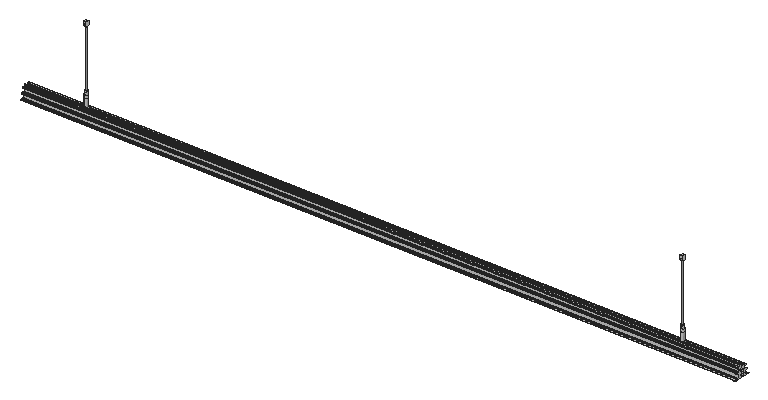
Revit family "BUS11R", category Electrical Fixtures, host Ceiling, Revit 2018 (continued)
Definition of nested family "BUS11R-BUS"
  Automatic sketch dimensions
    Extrusion 5 sketch curve to Extrusion 5 sketch curve = 0' - 0.01547"
    Extrusion 5 sketch curve to Extrusion 5 sketch curve = 0' - 0.09681"
    Extrusion 5 sketch curve to Extrusion 5 sketch curve = 0' - 0.03101"
    Extrusion 5 sketch curve to Extrusion 5 sketch curve = 0' - 0.06495"
    Extrusion 5 sketch curve to Extrusion 5 sketch curve = 0' - 0.00055"
    Extrusion 5 sketch curve to Extrusion 5 sketch curve = 0' - 0.00238"
    Extrusion 5 sketch curve to Extrusion 5 sketch curve = 0' - 0.01444"
    Extrusion 5 sketch curve to Extrusion 5 sketch curve = 0' - 0.09545"
    Extrusion 5 sketch curve to Extrusion 5 sketch curve = 0' - 0.01721"  (x4)
    Extrusion 5 sketch curve to Extrusion 5 sketch curve = 0' - 0.01491"  (x2)
    Extrusion 5 sketch curve to Extrusion 5 sketch curve = 0' - 0.04674"
    Extrusion 5 sketch curve to Extrusion 5 sketch curve = 0' - 0.05"  (x3)
    Extrusion 5 sketch curve to Extrusion 5 sketch curve = 0' - 0.06654"
    Extrusion 5 sketch curve to Extrusion 5 sketch curve = 0' - 0.03491"
    plane 1 "Center (Front/Back)" to Extrusion 5 sketch curve = 0' - 0.06125"
    plane 1 "Center (Front/Back)" to Extrusion 5 sketch curve = 0' - 0.03882"
    plane 1 "Center (Front/Back)" to Extrusion 5 sketch curve = 0' - 0.01125"
    Extrusion 5 sketch curve to plane 1 "Center (Front/Back)" = 0' - 0.02567"
    Extrusion 5 sketch curve to plane 1 "Center (Front/Back)" = 0' - 0.04058"
    Extrusion 5 sketch curve to plane 1 "Center (Front/Back)" = 0' - 0.05779"
    Extrusion 5 sketch curve to Extrusion 5 sketch curve = 0' - 0.06904"
    Extrusion 5 sketch curve to Extrusion 5 sketch curve = 0' - 0.06449"
    Extrusion 5 sketch curve to Extrusion 5 sketch curve = 0' - 0.04433"
    Extrusion 5 sketch curve to Extrusion 5 sketch curve = 0' - 0.01701"  (x3)
    Extrusion 5 sketch curve to Extrusion 5 sketch curve = 0' - 0.0453"
    Extrusion 5 sketch curve to Extrusion 5 sketch curve = 0' - 0.068"
    Extrusion 5 sketch curve to Extrusion 5 sketch curve = 0' - 0.11287"
    Extrusion 5 sketch curve to Extrusion 5 sketch curve = 0' - 0.00972"
    Extrusion 5 sketch curve to Extrusion 5 sketch curve = 0' - 0.0576"
    Extrusion 5 sketch curve to Extrusion 5 sketch curve = 0' - 0.03939"
    Extrusion 5 sketch curve to Extrusion 5 sketch curve = 0' - 0.06875"
    level to Extrusion 5 sketch curve = 0' - 1.357"
    Extrusion 5 sketch curve to Extrusion 5 sketch curve = 0' - 0.00195"
    Extrusion 5 sketch curve to Extrusion 5 sketch curve = 0' - 0.00805"
    Extrusion 5 sketch curve to Extrusion 5 sketch curve = 0' - 0.01"
    Extrusion 5 sketch curve to Extrusion 5 sketch curve = 0' - 0.06197"
    Extrusion 5 sketch curve to Extrusion 5 sketch curve = 0' - 0.06002"
    Extrusion 5 sketch curve to Extrusion 5 sketch curve = 0' - 0.08441"
    Extrusion 5 sketch curve to Extrusion 5 sketch curve = 0' - 0.02457"  (x2)
    Extrusion 5 sketch curve to Extrusion 5 sketch curve = 0' - 0.00409"  (x3)
    Extrusion 5 sketch curve to Extrusion 5 sketch curve = 0' - 0.096"
    Extrusion 5 sketch curve to Extrusion 5 sketch curve = 0' - 0.056"  (x3)
    Extrusion 5 sketch curve to Extrusion 5 sketch curve = 0' - 0.10003"
    Extrusion 5 sketch curve to Extrusion 5 sketch curve = 0' - 0.05745"
    Extrusion 5 sketch curve to Extrusion 5 sketch curve = 0' - 0.018"
    Extrusion 5 sketch curve to Extrusion 5 sketch curve = 0' - 0.04972"
    Extrusion 5 sketch curve to Extrusion 5 sketch curve = 0' - 0.09108"
    Extrusion 5 sketch curve to Extrusion 5 sketch curve = 0' - 0.01581"
    Extrusion 5 sketch curve to Extrusion 5 sketch curve = 0' - 0.05585"
    Extrusion 5 sketch curve to Extrusion 5 sketch curve = 0' - 0.16764"
    Extrusion 5 sketch curve to Extrusion 5 sketch curve = 0' - 0.03368"
    Extrusion 5 sketch curve to Extrusion 5 sketch curve = 0' - 0.00217"
    Extrusion 5 sketch curve to Extrusion 5 sketch curve = 0' - 0.26092"
    Extrusion 5 sketch curve to Extrusion 5 sketch curve = 0' - 0.0518"  (x2)
    Extrusion 6 sketch curve to Extrusion 6 sketch curve = 0' - 0"  (x19)
    plane 1 "Center (Front/Back)" to Extrusion 6 sketch curve = 0' - 0.433"
    Extrusion 6 sketch curve to Extrusion 6 sketch curve = 0' - 0.043"  (x2)
    Extrusion 6 sketch curve to Extrusion 6 sketch curve = 0' - 0.05342"
    Extrusion 6 sketch curve to Extrusion 6 sketch curve = 0' - 0.03939"  (x2)
    Extrusion 6 sketch curve to Extrusion 6 sketch curve = 0' - 0.06489"
    Extrusion 6 sketch curve to Extrusion 6 sketch curve = 0' - 0.059"  (x3)
    Extrusion 6 sketch curve to Extrusion 6 sketch curve = 0' - 0.0576"  (x2)
    Extrusion 6 sketch curve to Extrusion 6 sketch curve = 0' - 0.04433"  (x5)
    Extrusion 6 sketch curve to Extrusion 6 sketch curve = 0' - 0.05"  (x2)
    Extrusion 6 sketch curve to Extrusion 6 sketch curve = 0' - 0.01701"  (x7)
    Extrusion 6 sketch curve to Extrusion 6 sketch curve = 0' - 0.0453"  (x2)
    Extrusion 6 sketch curve to Extrusion 6 sketch curve = 0' - 0.068"  (x2)
    Extrusion 6 sketch curve to Extrusion 6 sketch curve = 0' - 0.11197"  (x2)
    Extrusion 6 sketch curve to Extrusion 6 sketch curve = 0' - 0.03154"  (x4)
    Extrusion 6 sketch curve to Extrusion 6 sketch curve = 0' - 0.01401"  (x4)
    Extrusion 6 sketch curve to Extrusion 6 sketch curve = 0' - 0.01721"  (x4)
    Extrusion 6 sketch curve to Extrusion 6 sketch curve = 0' - 0.06858"  (x2)
    plane 1 "Center (Front/Back)" to Extrusion 6 sketch curve = 0' - 0.03967"
    plane 1 "Center (Front/Back)" to Extrusion 6 sketch curve = 0' - 0.034"
    Extrusion 6 sketch curve to plane 1 "Center (Front/Back)" = 0' - 0.02265"
    Extrusion 6 sketch curve to plane 1 "Center (Front/Back)" = 0' - 0.034"
    Extrusion 6 sketch curve to plane 1 "Center (Front/Back)" = 0' - 0.05553"
    Extrusion 6 sketch curve to Extrusion 6 sketch curve = 0' - 0.00972"
    level to Extrusion 6 sketch curve = 0' - 1.357"
    Extrusion 6 sketch curve to Extrusion 6 sketch curve = 0' - 0.00375"  (x2)
    Extrusion 6 sketch curve to Extrusion 6 sketch curve = 0' - 0.01"  (x2)
    Extrusion 6 sketch curve to Extrusion 6 sketch curve = 0' - 0.05822"  (x2)
    Extrusion 6 sketch curve to Extrusion 6 sketch curve = 0' - 0.08441"
    Extrusion 6 sketch curve to Extrusion 6 sketch curve = 0' - 0.02457"  (x2)
    Extrusion 6 sketch curve to Extrusion 6 sketch curve = 0' - 0.00409"  (x7)
    Extrusion 6 sketch curve to Extrusion 6 sketch curve = 0' - 0.096"
    Extrusion 6 sketch curve to Extrusion 6 sketch curve = 0' - 0.056"  (x3)
    Extrusion 6 sketch curve to Extrusion 6 sketch curve = 0' - 0.05386"  (x2)
    Extrusion 6 sketch curve to Extrusion 6 sketch curve = 0' - 0.09253"  (x2)
    Extrusion 6 sketch curve to Extrusion 6 sketch curve = 0' - 0.25947"  (x2)
    Extrusion 7 sketch curve to Extrusion 7 sketch curve = 0' - 0"  (x19)
    plane 1 "Center (Front/Back)" to Extrusion 7 sketch curve = 0' - 0.433"
    Extrusion 7 sketch curve to Extrusion 7 sketch curve = 0' - 0.043"  (x2)
    Extrusion 7 sketch curve to Extrusion 7 sketch curve = 0' - 0.05342"
    Extrusion 7 sketch curve to Extrusion 7 sketch curve = 0' - 0.03939"  (x2)
    Extrusion 7 sketch curve to Extrusion 7 sketch curve = 0' - 0.06489"
    Extrusion 7 sketch curve to Extrusion 7 sketch curve = 0' - 0.059"  (x3)
    Extrusion 7 sketch curve to Extrusion 7 sketch curve = 0' - 0.0576"  (x2)
    Extrusion 7 sketch curve to Extrusion 7 sketch curve = 0' - 0.04433"  (x5)
    Extrusion 7 sketch curve to Extrusion 7 sketch curve = 0' - 0.05"  (x2)
    Extrusion 7 sketch curve to Extrusion 7 sketch curve = 0' - 0.01701"  (x7)
    Extrusion 7 sketch curve to Extrusion 7 sketch curve = 0' - 0.0453"  (x2)
    Extrusion 7 sketch curve to Extrusion 7 sketch curve = 0' - 0.068"  (x2)
    Extrusion 7 sketch curve to Extrusion 7 sketch curve = 0' - 0.11197"  (x2)
    Extrusion 7 sketch curve to Extrusion 7 sketch curve = 0' - 0.03154"  (x4)
    Extrusion 7 sketch curve to Extrusion 7 sketch curve = 0' - 0.01401"  (x4)
    Extrusion 7 sketch curve to Extrusion 7 sketch curve = 0' - 0.01721"  (x4)
    Extrusion 7 sketch curve to Extrusion 7 sketch curve = 0' - 0.06858"  (x2)
    plane 1 "Center (Front/Back)" to Extrusion 7 sketch curve = 0' - 0.03967"
    plane 1 "Center (Front/Back)" to Extrusion 7 sketch curve = 0' - 0.034"
    Extrusion 7 sketch curve to plane 1 "Center (Front/Back)" = 0' - 0.02265"
    Extrusion 7 sketch curve to plane 1 "Center (Front/Back)" = 0' - 0.034"
    Extrusion 7 sketch curve to plane 1 "Center (Front/Back)" = 0' - 0.05553"
    Extrusion 7 sketch curve to Extrusion 7 sketch curve = 0' - 0.00972"
    level to Extrusion 7 sketch curve = 0' - 1.357"
    Extrusion 7 sketch curve to Extrusion 7 sketch curve = 0' - 0.00375"  (x2)
    Extrusion 7 sketch curve to Extrusion 7 sketch curve = 0' - 0.01"  (x2)
    Extrusion 7 sketch curve to Extrusion 7 sketch curve = 0' - 0.05822"  (x2)
    Extrusion 7 sketch curve to Extrusion 7 sketch curve = 0' - 0.08441"
    Extrusion 7 sketch curve to Extrusion 7 sketch curve = 0' - 0.02457"  (x2)
    Extrusion 7 sketch curve to Extrusion 7 sketch curve = 0' - 0.00409"  (x7)
    Extrusion 7 sketch curve to Extrusion 7 sketch curve = 0' - 0.096"
    Extrusion 7 sketch curve to Extrusion 7 sketch curve = 0' - 0.056"  (x3)
    Extrusion 7 sketch curve to Extrusion 7 sketch curve = 0' - 0.05386"  (x2)
    Extrusion 7 sketch curve to Extrusion 7 sketch curve = 0' - 0.09253"  (x2)
    Extrusion 7 sketch curve to Extrusion 7 sketch curve = 0' - 0.25947"  (x2)
    Extrusion 8 sketch curve to Extrusion 8 sketch curve = 0' - 0"  (x12)
    Extrusion 8 sketch curve to plane 1 "Center (Front/Back)" = 0' - 0"  (x2)
    plane 1 "Center (Front/Back)" to Extrusion 8 sketch curve = 0' - 0.02063"
    plane 1 "Center (Front/Back)" to Extrusion 8 sketch curve = 0' - 0.02858"  (x2)
    Extrusion 8 sketch curve to Extrusion 8 sketch curve = 0' - 0.0311"  (x2)
    Extrusion 8 sketch curve to Extrusion 8 sketch curve = 0' - 0.04433"  (x3)
    Extrusion 8 sketch curve to Extrusion 8 sketch curve = 0' - 0.05"  (x5)
    Extrusion 8 sketch curve to Extrusion 8 sketch curve = 0' - 0.00571"  (x2)
    Extrusion 8 sketch curve to Extrusion 8 sketch curve = 0' - 0.01701"  (x4)
    Extrusion 8 sketch curve to Extrusion 8 sketch curve = 0' - 0.0453"  (x2)
    Extrusion 8 sketch curve to Extrusion 8 sketch curve = 0' - 0.06229"  (x2)
    Extrusion 8 sketch curve to Extrusion 8 sketch curve = 0' - 0.10839"  (x2)
    Extrusion 8 sketch curve to Extrusion 8 sketch curve = 0' - 0.03162"  (x4)
    Extrusion 8 sketch curve to Extrusion 8 sketch curve = 0' - 0.01397"  (x4)
    Extrusion 8 sketch curve to Extrusion 8 sketch curve = 0' - 0.01721"  (x4)
    Extrusion 8 sketch curve to Extrusion 8 sketch curve = 0' - 0.059"  (x6)
    Extrusion 8 sketch curve to Extrusion 8 sketch curve = 0' - 0.015"  (x2)
    Extrusion 8 sketch curve to Extrusion 8 sketch curve = 0' - 0.07015"  (x2)
    Extrusion 8 sketch curve to Extrusion 8 sketch curve = 0' - 0.065"  (x2)
    Extrusion 8 sketch curve to Extrusion 8 sketch curve = 0' - 0.01547"
    Extrusion 8 sketch curve to Extrusion 8 sketch curve = 0' - 0.01559"  (x2)
    Extrusion 8 sketch curve to Extrusion 8 sketch curve = 0' - 0.07177"
    Extrusion 8 sketch curve to Extrusion 8 sketch curve = 0' - 0.043"  (x2)
    Extrusion 8 sketch curve to plane 1 "Center (Front/Back)" = 0' - 0.02063"
    Extrusion 8 sketch curve to plane 1 "Center (Front/Back)" = 0' - 0.02858"  (x2)
    Extrusion 8 sketch curve to Extrusion 8 sketch curve = 0' - 0.01312"
    Extrusion 8 sketch curve to Extrusion 8 sketch curve = 0' - 0.09634"
    level to Extrusion 8 sketch curve = 0' - 1.36091"
    Extrusion 8 sketch curve to Extrusion 8 sketch curve = 0' - 0.00609"  (x2)
    Extrusion 8 sketch curve to Extrusion 8 sketch curve = 0' - 0.0108"
    Extrusion 8 sketch curve to Extrusion 8 sketch curve = 0' - 0.02808"
    Extrusion 8 sketch curve to Extrusion 8 sketch curve = 0' - 0.00496"
    Extrusion 8 sketch curve to Extrusion 8 sketch curve = 0' - 0.05806"  (x2)
    Extrusion 8 sketch curve to Extrusion 8 sketch curve = 0' - 0.02457"  (x2)
    Extrusion 8 sketch curve to Extrusion 8 sketch curve = 0' - 0.04403"  (x2)
    Extrusion 8 sketch curve to Extrusion 8 sketch curve = 0' - 0.09265"  (x2)
    Extrusion 8 sketch curve to Extrusion 8 sketch curve = 0' - 0.00409"  (x4)
    Extrusion 8 sketch curve to Extrusion 8 sketch curve = 0' - 0.056"  (x4)
    Extrusion 8 sketch curve to Extrusion 8 sketch curve = 0' - 0.018"  (x2)
    Extrusion 8 sketch curve to Extrusion 8 sketch curve = 0' - 0.04972"  (x2)
    Extrusion 8 sketch curve to Extrusion 8 sketch curve = 0' - 0.01581"  (x2)
    Extrusion 8 sketch curve to Extrusion 8 sketch curve = 0' - 0.05585"  (x2)
    Extrusion 8 sketch curve to Extrusion 8 sketch curve = 0' - 0.16764"  (x2)
    Extrusion 8 sketch curve to Extrusion 8 sketch curve = 0' - 0.0518"  (x2)
    Extrusion 8 sketch curve to Extrusion 8 sketch curve = 0' - 0.109"
    Extrusion 9 sketch curve to Extrusion 9 sketch curve = 0' - 0"  (x12)
    Extrusion 9 sketch curve to plane 1 "Center (Front/Back)" = 0' - 0"  (x2)
    plane 1 "Center (Front/Back)" to Extrusion 9 sketch curve = 0' - 0.02063"
    plane 1 "Center (Front/Back)" to Extrusion 9 sketch curve = 0' - 0.02858"  (x2)
    Extrusion 9 sketch curve to Extrusion 9 sketch curve = 0' - 0.0311"  (x2)
    Extrusion 9 sketch curve to Extrusion 9 sketch curve = 0' - 0.04433"  (x3)
    Extrusion 9 sketch curve to Extrusion 9 sketch curve = 0' - 0.05"  (x5)
    Extrusion 9 sketch curve to Extrusion 9 sketch curve = 0' - 0.00571"  (x2)
    Extrusion 9 sketch curve to Extrusion 9 sketch curve = 0' - 0.01701"  (x4)
    Extrusion 9 sketch curve to Extrusion 9 sketch curve = 0' - 0.0453"  (x2)
    Extrusion 9 sketch curve to Extrusion 9 sketch curve = 0' - 0.06229"  (x2)
    Extrusion 9 sketch curve to Extrusion 9 sketch curve = 0' - 0.10839"  (x2)
    Extrusion 9 sketch curve to Extrusion 9 sketch curve = 0' - 0.03162"  (x4)
    Extrusion 9 sketch curve to Extrusion 9 sketch curve = 0' - 0.01397"  (x4)
    Extrusion 9 sketch curve to Extrusion 9 sketch curve = 0' - 0.01721"  (x4)
    Extrusion 9 sketch curve to Extrusion 9 sketch curve = 0' - 0.059"  (x6)
    Extrusion 9 sketch curve to Extrusion 9 sketch curve = 0' - 0.015"  (x2)
    Extrusion 9 sketch curve to Extrusion 9 sketch curve = 0' - 0.07015"  (x2)
    Extrusion 9 sketch curve to Extrusion 9 sketch curve = 0' - 0.065"  (x2)
    Extrusion 9 sketch curve to Extrusion 9 sketch curve = 0' - 0.01547"
    Extrusion 9 sketch curve to Extrusion 9 sketch curve = 0' - 0.01559"  (x2)
    Extrusion 9 sketch curve to Extrusion 9 sketch curve = 0' - 0.07177"
    Extrusion 9 sketch curve to Extrusion 9 sketch curve = 0' - 0.043"  (x2)
    Extrusion 9 sketch curve to plane 1 "Center (Front/Back)" = 0' - 0.02063"
    Extrusion 9 sketch curve to plane 1 "Center (Front/Back)" = 0' - 0.02858"  (x2)
    Extrusion 9 sketch curve to Extrusion 9 sketch curve = 0' - 0.01312"
    Extrusion 9 sketch curve to Extrusion 9 sketch curve = 0' - 0.09634"
    level to Extrusion 9 sketch curve = 0' - 1.36091"
    Extrusion 9 sketch curve to Extrusion 9 sketch curve = 0' - 0.00609"  (x2)
    Extrusion 9 sketch curve to Extrusion 9 sketch curve = 0' - 0.0108"
    Extrusion 9 sketch curve to Extrusion 9 sketch curve = 0' - 0.02808"
    Extrusion 9 sketch curve to Extrusion 9 sketch curve = 0' - 0.00496"
    Extrusion 9 sketch curve to Extrusion 9 sketch curve = 0' - 0.05806"  (x2)
    Extrusion 9 sketch curve to Extrusion 9 sketch curve = 0' - 0.02457"  (x2)
    Extrusion 9 sketch curve to Extrusion 9 sketch curve = 0' - 0.04403"  (x2)
    Extrusion 9 sketch curve to Extrusion 9 sketch curve = 0' - 0.09265"  (x2)
    Extrusion 9 sketch curve to Extrusion 9 sketch curve = 0' - 0.00409"  (x4)
    Extrusion 9 sketch curve to Extrusion 9 sketch curve = 0' - 0.056"  (x4)
    Extrusion 9 sketch curve to Extrusion 9 sketch curve = 0' - 0.018"  (x2)
    Extrusion 9 sketch curve to Extrusion 9 sketch curve = 0' - 0.04972"  (x2)
    Extrusion 9 sketch curve to Extrusion 9 sketch curve = 0' - 0.01581"  (x2)
    Extrusion 9 sketch curve to Extrusion 9 sketch curve = 0' - 0.05585"  (x2)
    Extrusion 9 sketch curve to Extrusion 9 sketch curve = 0' - 0.16764"  (x2)
    Extrusion 9 sketch curve to Extrusion 9 sketch curve = 0' - 0.0518"  (x2)
    Extrusion 9 sketch curve to Extrusion 9 sketch curve = 0' - 0.109"
  Nested families (in)
    nested 1: "2A" at (0, 0, 1.32595) x (0, -1, 0) z (1, 0, 0), visible <- "2A", type "2A"
    nested 2: "2A" at (0, 0, 1.32595) x (0, -1, 0) z (1, 0, 0), visible <- "2D", type "2D"
    nested 3: "1A" at (0, 0, 1.32595) x (0, 1, 0) z (1, 0, 0), visible <- "1A", type "1A"
    nested 4: "3D" at (0, 0, 1.32595) x (0, 1, 0) z (1, 0, 0), visible <- "3D", type "3D"
    nested 5: "2A" at (0, 0, 1.32595) x (0, -1, 0) z (1, 0, 0), visible <- "6A", type "6A"
    nested 6: "2A" at (0, 0, 1.32595) x (0, -1, 0) z (1, 0, 0), visible <- "6D", type "6D"
    nested 7: "4B" at (0, 0, 1.32595) x (0, -1, 0) z (1, 0, 0), visible <- "4B", type "4B"
    nested 8: "4B" at (0, 0, 1.32595) x (0, -1, 0) z (1, 0, 0), visible <- "4B", type "4K"
  Definition of nested family "2A"
    Reference planes (in)
      plane 1 "Center (Front/Back)": y = 0
      plane 2: z = 0
      plane 3 "Center (Left/Right)": x = 0
    Lines and regions (in)
      model lines, in view "Ref. Level"
        curve 1: arc (0.0549, 0.54979, 0) -> (0.06707, 0.57678, 0) -> (0.04377, 0.59505, 0) r 0.024
        curve 2: arc (0.0488, 0.56016, 0) -> (0.05548, 0.57363, 0) -> (0.04377, 0.58305, 0) r 0.012
        curve 3: arc (0.03532, 0.22103, 0) -> (0.04423, 0.21363, 0) -> (0.05525, 0.21721, 0) r 0.012
        curve 4: arc (0.02415, 0.21664, 0) -> (0.04198, 0.20184, 0) -> (0.06401, 0.20901, 0) r 0.024
        curve 5: arc (0.0488, 0.56016, 0) -> (0.01665, 0.50597, 0) -> (0.05573, 0.45655, 0) r 0.05561
        curve 6: arc (0.0549, 0.54979, 0) -> (0.02862, 0.50687, 0) -> (0.0602, 0.46768, 0) r 0.04369
        curve 7: arc (-0.0602, 0.46768, 0) -> (-0.07023, 0.45959, 0) -> (-0.074, 0.44727, 0) r 0.022
        curve 8: arc (-0.05573, 0.45655, 0) -> (-0.06028, 0.45287, 0) -> (-0.062, 0.44727, 0) r 0.01
        curve 9: arc (-0.05573, 0.45655, 0) -> (-0.01665, 0.50597, 0) -> (-0.0488, 0.56016, 0) r 0.05561
        curve 10: arc (0.02797, 0.4413, 0) -> (0.01268, 0.33053, 0) -> (0.03532, 0.22103, 0) r 0.32952
        curve 11: arc (-0.03532, 0.22103, 0) -> (-0.01268, 0.33053, 0) -> (-0.02797, 0.4413, 0) r 0.32952
        curve 12: arc (0.01653, 0.44493, 0) -> (0.00069, 0.33013, 0) -> (0.02415, 0.21664, 0) r 0.34152
        curve 13: arc (-0.02415, 0.21664, 0) -> (-0.00069, 0.33013, 0) -> (-0.01653, 0.44493, 0) r 0.34152
        curve 14: arc (-0.074, 0.2343, 0) -> (-0.07141, 0.2207, 0) -> (-0.06401, 0.20901, 0) r 0.037
        curve 15: arc (-0.062, 0.2343, 0) -> (-0.06025, 0.22511, 0) -> (-0.05525, 0.21721, 0) r 0.025
        curve 16: arc (-0.05525, 0.21721, 0) -> (-0.04423, 0.21363, 0) -> (-0.03532, 0.22103, 0) r 0.012
        curve 17: arc (-0.06401, 0.20901, 0) -> (-0.04198, 0.20184, 0) -> (-0.02415, 0.21664, 0) r 0.024
        curve 18: arc (-0.04377, 0.59505, 0) -> (-0.06707, 0.57678, 0) -> (-0.0549, 0.54979, 0) r 0.024
        curve 19: arc (-0.04377, 0.58305, 0) -> (-0.05548, 0.57363, 0) -> (-0.0488, 0.56016, 0) r 0.012
        curve 20: arc (-0.0602, 0.46768, 0) -> (-0.02862, 0.50687, 0) -> (-0.0549, 0.54979, 0) r 0.04369
        curve 21: arc (0.062, 0.44727, 0) -> (0.06028, 0.45287, 0) -> (0.05573, 0.45655, 0) r 0.01
        curve 22: arc (0.074, 0.44727, 0) -> (0.07023, 0.45959, 0) -> (0.0602, 0.46768, 0) r 0.022
        curve 23: line (-0.062, 0.2343, 0) -> (-0.062, 0.44727, 0)
        curve 24: line (-0.074, 0.2343, 0) -> (-0.074, 0.44727, 0)
        curve 25: line (0.02797, 0.4413, 0) -> (0.01653, 0.44493, 0)
        curve 26: line (-0.02797, 0.4413, 0) -> (-0.01653, 0.44493, 0)
        curve 27: line (-0.04377, 0.59505, 0) -> (0.04377, 0.59505, 0)
        curve 28: line (-0.04377, 0.58305, 0) -> (0.04377, 0.58305, 0)
        curve 29: line (0.074, 0.2343, 0) -> (0.074, 0.44727, 0)
        curve 30: line (0.062, 0.2343, 0) -> (0.062, 0.44727, 0)
        curve 31: arc (0.05525, 0.21721, 0) -> (0.06025, 0.22511, 0) -> (0.062, 0.2343, 0) r 0.025
        curve 32: arc (0.06401, 0.20901, 0) -> (0.07141, 0.2207, 0) -> (0.074, 0.2343, 0) r 0.037
        curve 33: arc (0.29148, 0.54979, 0) -> (0.30365, 0.57678, 0) -> (0.28034, 0.59505, 0) r 0.024
        curve 34: arc (0.28538, 0.56016, 0) -> (0.29206, 0.57363, 0) -> (0.28034, 0.58305, 0) r 0.012
        curve 35: arc (0.2719, 0.22103, 0) -> (0.28081, 0.21363, 0) -> (0.29183, 0.21721, 0) r 0.012
        curve 36: arc (0.26073, 0.21664, 0) -> (0.27856, 0.20184, 0) -> (0.30059, 0.20901, 0) r 0.024
        curve 37: arc (0.28538, 0.56016, 0) -> (0.25323, 0.50597, 0) -> (0.29231, 0.45655, 0) r 0.05561
        curve 38: arc (0.29148, 0.54979, 0) -> (0.2652, 0.50687, 0) -> (0.29678, 0.46768, 0) r 0.04369
        curve 39: arc (0.17638, 0.46768, 0) -> (0.16635, 0.45959, 0) -> (0.16258, 0.44727, 0) r 0.022
        curve 40: arc (0.18085, 0.45655, 0) -> (0.17629, 0.45287, 0) -> (0.17458, 0.44727, 0) r 0.01
        curve 41: arc (0.18085, 0.45655, 0) -> (0.21992, 0.50597, 0) -> (0.18778, 0.56016, 0) r 0.05561
        curve 42: arc (0.26455, 0.4413, 0) -> (0.24926, 0.33053, 0) -> (0.2719, 0.22103, 0) r 0.32952
        curve 43: arc (0.20126, 0.22103, 0) -> (0.2239, 0.33053, 0) -> (0.20861, 0.4413, 0) r 0.32952
        curve 44: arc (0.25311, 0.44493, 0) -> (0.23727, 0.33013, 0) -> (0.26073, 0.21664, 0) r 0.34152
        curve 45: arc (0.21243, 0.21664, 0) -> (0.23589, 0.33013, 0) -> (0.22005, 0.44493, 0) r 0.34152
        curve 46: arc (0.16258, 0.2343, 0) -> (0.16517, 0.2207, 0) -> (0.17257, 0.20901, 0) r 0.037
        curve 47: arc (0.17458, 0.2343, 0) -> (0.17633, 0.22511, 0) -> (0.18133, 0.21721, 0) r 0.025
        curve 48: arc (0.18133, 0.21721, 0) -> (0.19235, 0.21363, 0) -> (0.20126, 0.22103, 0) r 0.012
        curve 49: arc (0.17257, 0.20901, 0) -> (0.1946, 0.20184, 0) -> (0.21243, 0.21664, 0) r 0.024
        curve 50: arc (0.19281, 0.59505, 0) -> (0.16951, 0.57678, 0) -> (0.18168, 0.54979, 0) r 0.024
        curve 51: arc (0.19281, 0.58305, 0) -> (0.18109, 0.57363, 0) -> (0.18778, 0.56016, 0) r 0.012
        curve 52: arc (0.17638, 0.46768, 0) -> (0.20796, 0.50687, 0) -> (0.18168, 0.54979, 0) r 0.04369
        curve 53: arc (0.29858, 0.44727, 0) -> (0.29686, 0.45287, 0) -> (0.29231, 0.45655, 0) r 0.01
        curve 54: arc (0.31058, 0.44727, 0) -> (0.30681, 0.45959, 0) -> (0.29678, 0.46768, 0) r 0.022
        curve 55: line (0.17458, 0.2343, 0) -> (0.17458, 0.44727, 0)
        curve 56: line (0.16258, 0.2343, 0) -> (0.16258, 0.44727, 0)
        curve 57: line (0.26455, 0.4413, 0) -> (0.25311, 0.44493, 0)
        curve 58: line (0.20861, 0.4413, 0) -> (0.22005, 0.44493, 0)
        curve 59: line (0.19281, 0.59505, 0) -> (0.28034, 0.59505, 0)
        curve 60: line (0.19281, 0.58305, 0) -> (0.28034, 0.58305, 0)
        curve 61: line (0.31058, 0.2343, 0) -> (0.31058, 0.44727, 0)
        curve 62: line (0.29858, 0.2343, 0) -> (0.29858, 0.44727, 0)
        curve 63: arc (0.29183, 0.21721, 0) -> (0.29683, 0.22511, 0) -> (0.29858, 0.2343, 0) r 0.025
        curve 64: arc (0.30059, 0.20901, 0) -> (0.30799, 0.2207, 0) -> (0.31058, 0.2343, 0) r 0.037
      detail lines, in view "Ref. Level"
        curve 65: arc (-0.18168, 0.54979, 0) -> (-0.16951, 0.57678, 0) -> (-0.19281, 0.59505, 0) r 0.024
        curve 66: arc (-0.18778, 0.56016, 0) -> (-0.18109, 0.57363, 0) -> (-0.19281, 0.58305, 0) r 0.012
        curve 67: arc (-0.20126, 0.22103, 0) -> (-0.19235, 0.21363, 0) -> (-0.18133, 0.21721, 0) r 0.012
        curve 68: arc (-0.21243, 0.21664, 0) -> (-0.1946, 0.20184, 0) -> (-0.17257, 0.20901, 0) r 0.024
        curve 69: arc (-0.18778, 0.56016, 0) -> (-0.21992, 0.50597, 0) -> (-0.18085, 0.45655, 0) r 0.05561
        curve 70: arc (-0.18168, 0.54979, 0) -> (-0.20796, 0.50687, 0) -> (-0.17638, 0.46768, 0) r 0.04369
        curve 71: arc (-0.29678, 0.46768, 0) -> (-0.30681, 0.45959, 0) -> (-0.31058, 0.44727, 0) r 0.022
        curve 72: arc (-0.29231, 0.45655, 0) -> (-0.29686, 0.45287, 0) -> (-0.29858, 0.44727, 0) r 0.01
        curve 73: arc (-0.29231, 0.45655, 0) -> (-0.25323, 0.50597, 0) -> (-0.28538, 0.56016, 0) r 0.05561
        curve 74: arc (-0.20861, 0.4413, 0) -> (-0.2239, 0.33053, 0) -> (-0.20126, 0.22103, 0) r 0.32952
        curve 75: arc (-0.2719, 0.22103, 0) -> (-0.24926, 0.33053, 0) -> (-0.26455, 0.4413, 0) r 0.32952
        curve 76: arc (-0.22005, 0.44493, 0) -> (-0.23589, 0.33013, 0) -> (-0.21243, 0.21664, 0) r 0.34152
        curve 77: arc (-0.26073, 0.21664, 0) -> (-0.23727, 0.33013, 0) -> (-0.25311, 0.44493, 0) r 0.34152
        curve 78: arc (-0.31058, 0.2343, 0) -> (-0.30799, 0.2207, 0) -> (-0.30059, 0.20901, 0) r 0.037
        curve 79: arc (-0.29858, 0.2343, 0) -> (-0.29683, 0.22511, 0) -> (-0.29183, 0.21721, 0) r 0.025
        curve 80: arc (-0.29183, 0.21721, 0) -> (-0.28081, 0.21363, 0) -> (-0.2719, 0.22103, 0) r 0.012
        curve 81: arc (-0.30059, 0.20901, 0) -> (-0.27856, 0.20184, 0) -> (-0.26073, 0.21664, 0) r 0.024
        curve 82: arc (-0.28034, 0.59505, 0) -> (-0.30365, 0.57678, 0) -> (-0.29148, 0.54979, 0) r 0.024
        curve 83: arc (-0.28034, 0.58305, 0) -> (-0.29206, 0.57363, 0) -> (-0.28538, 0.56016, 0) r 0.012
        curve 84: arc (-0.29678, 0.46768, 0) -> (-0.2652, 0.50687, 0) -> (-0.29148, 0.54979, 0) r 0.04369
        curve 85: arc (-0.17458, 0.44727, 0) -> (-0.17629, 0.45287, 0) -> (-0.18085, 0.45655, 0) r 0.01
        curve 86: arc (-0.16258, 0.44727, 0) -> (-0.16635, 0.45959, 0) -> (-0.17638, 0.46768, 0) r 0.022
        curve 87: line (-0.29858, 0.2343, 0) -> (-0.29858, 0.44727, 0)
        curve 88: line (-0.31058, 0.2343, 0) -> (-0.31058, 0.44727, 0)
        curve 89: line (-0.20861, 0.4413, 0) -> (-0.22005, 0.44493, 0)
        curve 90: line (-0.26455, 0.4413, 0) -> (-0.25311, 0.44493, 0)
        curve 91: line (-0.28034, 0.59505, 0) -> (-0.19281, 0.59505, 0)
        curve 92: line (-0.28034, 0.58305, 0) -> (-0.19281, 0.58305, 0)
        curve 93: line (-0.16258, 0.2343, 0) -> (-0.16258, 0.44727, 0)
        curve 94: line (-0.17458, 0.2343, 0) -> (-0.17458, 0.44727, 0)
        curve 95: arc (-0.18133, 0.21721, 0) -> (-0.17633, 0.22511, 0) -> (-0.17458, 0.2343, 0) r 0.025
        curve 96: arc (-0.17257, 0.20901, 0) -> (-0.16517, 0.2207, 0) -> (-0.16258, 0.2343, 0) r 0.037
  Definition of nested family "1A"
    Reference planes (in)
      plane 1 "Center (Front/Back)": y = 0
      plane 2: z = 0
      plane 3 "Center (Left/Right)": x = 0
    Lines and regions (in)
      model lines, in view "Ref. Level"
        curve 1: arc (0.0549, 0.54979, 0) -> (0.06707, 0.57678, 0) -> (0.04377, 0.59505, 0) r 0.024
        curve 2: arc (0.0488, 0.56016, 0) -> (0.05548, 0.57363, 0) -> (0.04377, 0.58305, 0) r 0.012
        curve 3: arc (0.03532, 0.22103, 0) -> (0.04423, 0.21363, 0) -> (0.05525, 0.21721, 0) r 0.012
        curve 4: arc (0.02415, 0.21664, 0) -> (0.04198, 0.20184, 0) -> (0.06401, 0.20901, 0) r 0.024
        curve 5: arc (0.0488, 0.56016, 0) -> (0.01665, 0.50597, 0) -> (0.05573, 0.45655, 0) r 0.05561
        curve 6: arc (0.0549, 0.54979, 0) -> (0.02862, 0.50687, 0) -> (0.0602, 0.46768, 0) r 0.04369
        curve 7: arc (-0.0602, 0.46768, 0) -> (-0.07023, 0.45959, 0) -> (-0.074, 0.44727, 0) r 0.022
        curve 8: arc (-0.05573, 0.45655, 0) -> (-0.06028, 0.45287, 0) -> (-0.062, 0.44727, 0) r 0.01
        curve 9: arc (-0.05573, 0.45655, 0) -> (-0.01665, 0.50597, 0) -> (-0.0488, 0.56016, 0) r 0.05561
        curve 10: arc (0.02797, 0.4413, 0) -> (0.01268, 0.33053, 0) -> (0.03532, 0.22103, 0) r 0.32952
        curve 11: arc (-0.03532, 0.22103, 0) -> (-0.01268, 0.33053, 0) -> (-0.02797, 0.4413, 0) r 0.32952
        curve 12: arc (0.01653, 0.44493, 0) -> (0.00069, 0.33013, 0) -> (0.02415, 0.21664, 0) r 0.34152
        curve 13: arc (-0.02415, 0.21664, 0) -> (-0.00069, 0.33013, 0) -> (-0.01653, 0.44493, 0) r 0.34152
        curve 14: arc (-0.074, 0.2343, 0) -> (-0.07141, 0.2207, 0) -> (-0.06401, 0.20901, 0) r 0.037
        curve 15: arc (-0.062, 0.2343, 0) -> (-0.06025, 0.22511, 0) -> (-0.05525, 0.21721, 0) r 0.025
        curve 16: arc (-0.05525, 0.21721, 0) -> (-0.04423, 0.21363, 0) -> (-0.03532, 0.22103, 0) r 0.012
        curve 17: arc (-0.06401, 0.20901, 0) -> (-0.04198, 0.20184, 0) -> (-0.02415, 0.21664, 0) r 0.024
        curve 18: arc (-0.04377, 0.59505, 0) -> (-0.06707, 0.57678, 0) -> (-0.0549, 0.54979, 0) r 0.024
        curve 19: arc (-0.04377, 0.58305, 0) -> (-0.05548, 0.57363, 0) -> (-0.0488, 0.56016, 0) r 0.012
        curve 20: arc (-0.0602, 0.46768, 0) -> (-0.02862, 0.50687, 0) -> (-0.0549, 0.54979, 0) r 0.04369
        curve 21: arc (0.062, 0.44727, 0) -> (0.06028, 0.45287, 0) -> (0.05573, 0.45655, 0) r 0.01
        curve 22: arc (0.074, 0.44727, 0) -> (0.07023, 0.45959, 0) -> (0.0602, 0.46768, 0) r 0.022
        curve 23: line (-0.062, 0.2343, 0) -> (-0.062, 0.44727, 0)
        curve 24: line (-0.074, 0.2343, 0) -> (-0.074, 0.44727, 0)
        curve 25: line (0.02797, 0.4413, 0) -> (0.01653, 0.44493, 0)
        curve 26: line (-0.02797, 0.4413, 0) -> (-0.01653, 0.44493, 0)
        curve 27: line (-0.04377, 0.59505, 0) -> (0.04377, 0.59505, 0)
        curve 28: line (-0.04377, 0.58305, 0) -> (0.04377, 0.58305, 0)
        curve 29: line (0.074, 0.2343, 0) -> (0.074, 0.44727, 0)
        curve 30: line (0.062, 0.2343, 0) -> (0.062, 0.44727, 0)
        curve 31: arc (0.05525, 0.21721, 0) -> (0.06025, 0.22511, 0) -> (0.062, 0.2343, 0) r 0.025
        curve 32: arc (0.06401, 0.20901, 0) -> (0.07141, 0.2207, 0) -> (0.074, 0.2343, 0) r 0.037
        curve 33: arc (0.29148, 0.54979, 0) -> (0.30365, 0.57678, 0) -> (0.28034, 0.59505, 0) r 0.024
        curve 34: arc (0.28538, 0.56016, 0) -> (0.29206, 0.57363, 0) -> (0.28034, 0.58305, 0) r 0.012
        curve 35: arc (0.2719, 0.22103, 0) -> (0.28081, 0.21363, 0) -> (0.29183, 0.21721, 0) r 0.012
        curve 36: arc (0.26073, 0.21664, 0) -> (0.27856, 0.20184, 0) -> (0.30059, 0.20901, 0) r 0.024
        curve 37: arc (0.28538, 0.56016, 0) -> (0.25323, 0.50597, 0) -> (0.29231, 0.45655, 0) r 0.05561
        curve 38: arc (0.29148, 0.54979, 0) -> (0.2652, 0.50687, 0) -> (0.29678, 0.46768, 0) r 0.04369
        curve 39: arc (0.17638, 0.46768, 0) -> (0.16635, 0.45959, 0) -> (0.16258, 0.44727, 0) r 0.022
        curve 40: arc (0.18085, 0.45655, 0) -> (0.17629, 0.45287, 0) -> (0.17458, 0.44727, 0) r 0.01
        curve 41: arc (0.18085, 0.45655, 0) -> (0.21992, 0.50597, 0) -> (0.18778, 0.56016, 0) r 0.05561
        curve 42: arc (0.26455, 0.4413, 0) -> (0.24926, 0.33053, 0) -> (0.2719, 0.22103, 0) r 0.32952
        curve 43: arc (0.20126, 0.22103, 0) -> (0.2239, 0.33053, 0) -> (0.20861, 0.4413, 0) r 0.32952
        curve 44: arc (0.25311, 0.44493, 0) -> (0.23727, 0.33013, 0) -> (0.26073, 0.21664, 0) r 0.34152
        curve 45: arc (0.21243, 0.21664, 0) -> (0.23589, 0.33013, 0) -> (0.22005, 0.44493, 0) r 0.34152
        curve 46: arc (0.16258, 0.2343, 0) -> (0.16517, 0.2207, 0) -> (0.17257, 0.20901, 0) r 0.037
        curve 47: arc (0.17458, 0.2343, 0) -> (0.17633, 0.22511, 0) -> (0.18133, 0.21721, 0) r 0.025
        curve 48: arc (0.18133, 0.21721, 0) -> (0.19235, 0.21363, 0) -> (0.20126, 0.22103, 0) r 0.012
        curve 49: arc (0.17257, 0.20901, 0) -> (0.1946, 0.20184, 0) -> (0.21243, 0.21664, 0) r 0.024
        curve 50: arc (0.19281, 0.59505, 0) -> (0.16951, 0.57678, 0) -> (0.18168, 0.54979, 0) r 0.024
        curve 51: arc (0.19281, 0.58305, 0) -> (0.18109, 0.57363, 0) -> (0.18778, 0.56016, 0) r 0.012
        curve 52: arc (0.17638, 0.46768, 0) -> (0.20796, 0.50687, 0) -> (0.18168, 0.54979, 0) r 0.04369
        curve 53: arc (0.29858, 0.44727, 0) -> (0.29686, 0.45287, 0) -> (0.29231, 0.45655, 0) r 0.01
        curve 54: arc (0.31058, 0.44727, 0) -> (0.30681, 0.45959, 0) -> (0.29678, 0.46768, 0) r 0.022
        curve 55: line (0.17458, 0.2343, 0) -> (0.17458, 0.44727, 0)
        curve 56: line (0.16258, 0.2343, 0) -> (0.16258, 0.44727, 0)
        curve 57: line (0.26455, 0.4413, 0) -> (0.25311, 0.44493, 0)
        curve 58: line (0.20861, 0.4413, 0) -> (0.22005, 0.44493, 0)
        curve 59: line (0.19281, 0.59505, 0) -> (0.28034, 0.59505, 0)
        curve 60: line (0.19281, 0.58305, 0) -> (0.28034, 0.58305, 0)
        curve 61: line (0.31058, 0.2343, 0) -> (0.31058, 0.44727, 0)
        curve 62: line (0.29858, 0.2343, 0) -> (0.29858, 0.44727, 0)
        curve 63: arc (0.29183, 0.21721, 0) -> (0.29683, 0.22511, 0) -> (0.29858, 0.2343, 0) r 0.025
        curve 64: arc (0.30059, 0.20901, 0) -> (0.30799, 0.2207, 0) -> (0.31058, 0.2343, 0) r 0.037
  Definition of nested family "3D"
    Reference planes (in)
      plane 1 "Center (Front/Back)": y = 0
      plane 2: z = 0
      plane 3 "Center (Left/Right)": x = 0
    Lines and regions (in)
      model lines, in view "Ref. Level"
        curve 1: arc (-0.04035, 0.54979, 0) -> (-0.02818, 0.57678, 0) -> (-0.05148, 0.59505, 0) r 0.024
        curve 2: arc (-0.04645, 0.56016, 0) -> (-0.03977, 0.57363, 0) -> (-0.05148, 0.58305, 0) r 0.012
        curve 3: arc (-0.05993, 0.22103, 0) -> (-0.05102, 0.21363, 0) -> (-0.04, 0.21721, 0) r 0.012
        curve 4: arc (-0.0711, 0.21664, 0) -> (-0.05327, 0.20184, 0) -> (-0.03124, 0.20901, 0) r 0.024
        curve 5: arc (-0.04645, 0.56016, 0) -> (-0.0786, 0.50597, 0) -> (-0.03952, 0.45655, 0) r 0.05561
        curve 6: arc (-0.04035, 0.54979, 0) -> (-0.06663, 0.50687, 0) -> (-0.03505, 0.46768, 0) r 0.04369
        curve 7: arc (-0.15545, 0.46768, 0) -> (-0.16548, 0.45959, 0) -> (-0.16925, 0.44727, 0) r 0.022
        curve 8: arc (-0.15098, 0.45655, 0) -> (-0.15553, 0.45287, 0) -> (-0.15725, 0.44727, 0) r 0.01
        curve 9: arc (-0.15098, 0.45655, 0) -> (-0.1119, 0.50597, 0) -> (-0.14405, 0.56016, 0) r 0.05561
        curve 10: arc (-0.06728, 0.4413, 0) -> (-0.08257, 0.33053, 0) -> (-0.05993, 0.22103, 0) r 0.32952
        curve 11: arc (-0.13057, 0.22103, 0) -> (-0.10793, 0.33053, 0) -> (-0.12322, 0.4413, 0) r 0.32952
        curve 12: arc (-0.07872, 0.44493, 0) -> (-0.09456, 0.33013, 0) -> (-0.0711, 0.21664, 0) r 0.34152
        curve 13: arc (-0.1194, 0.21664, 0) -> (-0.09594, 0.33013, 0) -> (-0.11178, 0.44493, 0) r 0.34152
        curve 14: arc (-0.16925, 0.2343, 0) -> (-0.16666, 0.2207, 0) -> (-0.15926, 0.20901, 0) r 0.037
        curve 15: arc (-0.15725, 0.2343, 0) -> (-0.1555, 0.22511, 0) -> (-0.1505, 0.21721, 0) r 0.025
        curve 16: arc (-0.1505, 0.21721, 0) -> (-0.13948, 0.21363, 0) -> (-0.13057, 0.22103, 0) r 0.012
        curve 17: arc (-0.15926, 0.20901, 0) -> (-0.13723, 0.20184, 0) -> (-0.1194, 0.21664, 0) r 0.024
        curve 18: arc (-0.13902, 0.59505, 0) -> (-0.16232, 0.57678, 0) -> (-0.15015, 0.54979, 0) r 0.024
        curve 19: arc (-0.13902, 0.58305, 0) -> (-0.15073, 0.57363, 0) -> (-0.14405, 0.56016, 0) r 0.012
        curve 20: arc (-0.15545, 0.46768, 0) -> (-0.12387, 0.50687, 0) -> (-0.15015, 0.54979, 0) r 0.04369
        curve 21: arc (-0.03325, 0.44727, 0) -> (-0.03497, 0.45287, 0) -> (-0.03952, 0.45655, 0) r 0.01
        curve 22: arc (-0.02125, 0.44727, 0) -> (-0.02502, 0.45959, 0) -> (-0.03505, 0.46768, 0) r 0.022
        curve 23: line (-0.15725, 0.2343, 0) -> (-0.15725, 0.44727, 0)
        curve 24: line (-0.16925, 0.2343, 0) -> (-0.16925, 0.44727, 0)
        curve 25: line (-0.06728, 0.4413, 0) -> (-0.07872, 0.44493, 0)
        curve 26: line (-0.12322, 0.4413, 0) -> (-0.11178, 0.44493, 0)
        curve 27: line (-0.13902, 0.59505, 0) -> (-0.05148, 0.59505, 0)
        curve 28: line (-0.13902, 0.58305, 0) -> (-0.05148, 0.58305, 0)
        curve 29: line (-0.02125, 0.2343, 0) -> (-0.02125, 0.44727, 0)
        curve 30: line (-0.03325, 0.2343, 0) -> (-0.03325, 0.44727, 0)
        curve 31: arc (-0.04, 0.21721, 0) -> (-0.035, 0.22511, 0) -> (-0.03325, 0.2343, 0) r 0.025
        curve 32: arc (-0.03124, 0.20901, 0) -> (-0.02384, 0.2207, 0) -> (-0.02125, 0.2343, 0) r 0.037
        curve 33: arc (0.26573, 0.54979, 0) -> (0.2779, 0.57678, 0) -> (0.25459, 0.59505, 0) r 0.024
        curve 34: arc (0.25963, 0.56016, 0) -> (0.26631, 0.57363, 0) -> (0.25459, 0.58305, 0) r 0.012
        curve 35: arc (0.24615, 0.22103, 0) -> (0.25506, 0.21363, 0) -> (0.26608, 0.21721, 0) r 0.012
        curve 36: arc (0.23498, 0.21664, 0) -> (0.25281, 0.20184, 0) -> (0.27484, 0.20901, 0) r 0.024
        curve 37: arc (0.25963, 0.56016, 0) -> (0.22748, 0.50597, 0) -> (0.26656, 0.45655, 0) r 0.05561
        curve 38: arc (0.26573, 0.54979, 0) -> (0.23945, 0.50687, 0) -> (0.27103, 0.46768, 0) r 0.04369
        curve 39: arc (0.15063, 0.46768, 0) -> (0.1406, 0.45959, 0) -> (0.13683, 0.44727, 0) r 0.022
        curve 40: arc (0.1551, 0.45655, 0) -> (0.15054, 0.45287, 0) -> (0.14883, 0.44727, 0) r 0.01
        curve 41: arc (0.1551, 0.45655, 0) -> (0.19417, 0.50597, 0) -> (0.16203, 0.56016, 0) r 0.05561
        curve 42: arc (0.2388, 0.4413, 0) -> (0.22351, 0.33053, 0) -> (0.24615, 0.22103, 0) r 0.32952
        curve 43: arc (0.17551, 0.22103, 0) -> (0.19815, 0.33053, 0) -> (0.18286, 0.4413, 0) r 0.32952
        curve 44: arc (0.22736, 0.44493, 0) -> (0.21152, 0.33013, 0) -> (0.23498, 0.21664, 0) r 0.34152
        curve 45: arc (0.18668, 0.21664, 0) -> (0.21014, 0.33013, 0) -> (0.19429, 0.44493, 0) r 0.34152
        curve 46: arc (0.13683, 0.2343, 0) -> (0.13942, 0.2207, 0) -> (0.14682, 0.20901, 0) r 0.037
        curve 47: arc (0.14883, 0.2343, 0) -> (0.15058, 0.22511, 0) -> (0.15558, 0.21721, 0) r 0.025
        curve 48: arc (0.15558, 0.21721, 0) -> (0.1666, 0.21363, 0) -> (0.17551, 0.22103, 0) r 0.012
        curve 49: arc (0.14682, 0.20901, 0) -> (0.16885, 0.20184, 0) -> (0.18668, 0.21664, 0) r 0.024
        curve 50: arc (0.16706, 0.59505, 0) -> (0.14376, 0.57678, 0) -> (0.15593, 0.54979, 0) r 0.024
        curve 51: arc (0.16706, 0.58305, 0) -> (0.15534, 0.57363, 0) -> (0.16203, 0.56016, 0) r 0.012
        curve 52: arc (0.15063, 0.46768, 0) -> (0.18221, 0.50687, 0) -> (0.15593, 0.54979, 0) r 0.04369
        curve 53: arc (0.27283, 0.44727, 0) -> (0.27111, 0.45287, 0) -> (0.26656, 0.45655, 0) r 0.01
        curve 54: arc (0.28483, 0.44727, 0) -> (0.28106, 0.45959, 0) -> (0.27103, 0.46768, 0) r 0.022
        curve 55: line (0.14883, 0.2343, 0) -> (0.14883, 0.44727, 0)
        curve 56: line (0.13683, 0.2343, 0) -> (0.13683, 0.44727, 0)
        curve 57: line (0.2388, 0.4413, 0) -> (0.22736, 0.44493, 0)
        curve 58: line (0.18286, 0.4413, 0) -> (0.19429, 0.44493, 0)
        curve 59: line (0.16706, 0.59505, 0) -> (0.25459, 0.59505, 0)
        curve 60: line (0.16706, 0.58305, 0) -> (0.25459, 0.58305, 0)
        curve 61: line (0.28483, 0.2343, 0) -> (0.28483, 0.44727, 0)
        curve 62: line (0.27283, 0.2343, 0) -> (0.27283, 0.44727, 0)
        curve 63: arc (0.26608, 0.21721, 0) -> (0.27108, 0.22511, 0) -> (0.27283, 0.2343, 0) r 0.025
        curve 64: arc (0.27484, 0.20901, 0) -> (0.28224, 0.2207, 0) -> (0.28483, 0.2343, 0) r 0.037
  Definition of nested family "4B"
    Types (2): name
      4B
      4K
    Reference planes (in)
      plane 1 "Center (Front/Back)": y = 0
      plane 2: z = 0
      plane 3 "Center (Left/Right)": x = 0
    Lines and regions (in)
      model lines, in view "Ref. Level"
        curve 1: arc (-0.05768, 0.54979, 0) -> (-0.04551, 0.57678, 0) -> (-0.06881, 0.59505, 0) r 0.024
        curve 2: arc (-0.06378, 0.56016, 0) -> (-0.05709, 0.57363, 0) -> (-0.06881, 0.58305, 0) r 0.012
        curve 3: arc (-0.07726, 0.22103, 0) -> (-0.06835, 0.21363, 0) -> (-0.05733, 0.21721, 0) r 0.012
        curve 4: arc (-0.08843, 0.21664, 0) -> (-0.0706, 0.20184, 0) -> (-0.04857, 0.20901, 0) r 0.024
        curve 5: arc (-0.06378, 0.56016, 0) -> (-0.09592, 0.50597, 0) -> (-0.05685, 0.45655, 0) r 0.05561
        curve 6: arc (-0.05768, 0.54979, 0) -> (-0.08396, 0.50687, 0) -> (-0.05238, 0.46768, 0) r 0.04369
        curve 7: arc (-0.17278, 0.46768, 0) -> (-0.18281, 0.45959, 0) -> (-0.18658, 0.44727, 0) r 0.022
        curve 8: arc (-0.16831, 0.45655, 0) -> (-0.17286, 0.45287, 0) -> (-0.17458, 0.44727, 0) r 0.01
        curve 9: arc (-0.16831, 0.45655, 0) -> (-0.12923, 0.50597, 0) -> (-0.16138, 0.56016, 0) r 0.05561
        curve 10: arc (-0.08461, 0.4413, 0) -> (-0.0999, 0.33053, 0) -> (-0.07726, 0.22103, 0) r 0.32952
        curve 11: arc (-0.1479, 0.22103, 0) -> (-0.12526, 0.33053, 0) -> (-0.14055, 0.4413, 0) r 0.32952
        curve 12: arc (-0.09605, 0.44493, 0) -> (-0.11189, 0.33013, 0) -> (-0.08843, 0.21664, 0) r 0.34152
        curve 13: arc (-0.13673, 0.21664, 0) -> (-0.11327, 0.33013, 0) -> (-0.12911, 0.44493, 0) r 0.34152
        curve 14: arc (-0.18658, 0.2343, 0) -> (-0.18399, 0.2207, 0) -> (-0.17659, 0.20901, 0) r 0.037
        curve 15: arc (-0.17458, 0.2343, 0) -> (-0.17283, 0.22511, 0) -> (-0.16783, 0.21721, 0) r 0.025
        curve 16: arc (-0.16783, 0.21721, 0) -> (-0.15681, 0.21363, 0) -> (-0.1479, 0.22103, 0) r 0.012
        curve 17: arc (-0.17659, 0.20901, 0) -> (-0.15456, 0.20184, 0) -> (-0.13673, 0.21664, 0) r 0.024
        curve 18: arc (-0.15634, 0.59505, 0) -> (-0.17965, 0.57678, 0) -> (-0.16748, 0.54979, 0) r 0.024
        curve 19: arc (-0.15634, 0.58305, 0) -> (-0.16806, 0.57363, 0) -> (-0.16138, 0.56016, 0) r 0.012
        curve 20: arc (-0.17278, 0.46768, 0) -> (-0.1412, 0.50687, 0) -> (-0.16748, 0.54979, 0) r 0.04369
        curve 21: arc (-0.05058, 0.44727, 0) -> (-0.05229, 0.45287, 0) -> (-0.05685, 0.45655, 0) r 0.01
        curve 22: arc (-0.03858, 0.44727, 0) -> (-0.04235, 0.45959, 0) -> (-0.05238, 0.46768, 0) r 0.022
        curve 23: line (-0.17458, 0.2343, 0) -> (-0.17458, 0.44727, 0)
        curve 24: line (-0.18658, 0.2343, 0) -> (-0.18658, 0.44727, 0)
        curve 25: line (-0.08461, 0.4413, 0) -> (-0.09605, 0.44493, 0)
        curve 26: line (-0.14055, 0.4413, 0) -> (-0.12911, 0.44493, 0)
        curve 27: line (-0.15634, 0.59505, 0) -> (-0.06881, 0.59505, 0)
        curve 28: line (-0.15634, 0.58305, 0) -> (-0.06881, 0.58305, 0)
        curve 29: line (-0.03858, 0.2343, 0) -> (-0.03858, 0.44727, 0)
        curve 30: line (-0.05058, 0.2343, 0) -> (-0.05058, 0.44727, 0)
        curve 31: arc (-0.05733, 0.21721, 0) -> (-0.05233, 0.22511, 0) -> (-0.05058, 0.2343, 0) r 0.025
        curve 32: arc (-0.04857, 0.20901, 0) -> (-0.04117, 0.2207, 0) -> (-0.03858, 0.2343, 0) r 0.037
        curve 33: arc (0.16748, 0.54979, 0) -> (0.17965, 0.57678, 0) -> (0.15634, 0.59505, 0) r 0.024
        curve 34: arc (0.16138, 0.56016, 0) -> (0.16806, 0.57363, 0) -> (0.15634, 0.58305, 0) r 0.012
        curve 35: arc (0.1479, 0.22103, 0) -> (0.15681, 0.21363, 0) -> (0.16783, 0.21721, 0) r 0.012
        curve 36: arc (0.13673, 0.21664, 0) -> (0.15456, 0.20184, 0) -> (0.17659, 0.20901, 0) r 0.024
        curve 37: arc (0.16138, 0.56016, 0) -> (0.12923, 0.50597, 0) -> (0.16831, 0.45655, 0) r 0.05561
        curve 38: arc (0.16748, 0.54979, 0) -> (0.1412, 0.50687, 0) -> (0.17278, 0.46768, 0) r 0.04369
        curve 39: arc (0.05238, 0.46768, 0) -> (0.04235, 0.45959, 0) -> (0.03858, 0.44727, 0) r 0.022
        curve 40: arc (0.05685, 0.45655, 0) -> (0.05229, 0.45287, 0) -> (0.05058, 0.44727, 0) r 0.01
        curve 41: arc (0.05685, 0.45655, 0) -> (0.09592, 0.50597, 0) -> (0.06378, 0.56016, 0) r 0.05561
        curve 42: arc (0.14055, 0.4413, 0) -> (0.12526, 0.33053, 0) -> (0.1479, 0.22103, 0) r 0.32952
        curve 43: arc (0.07726, 0.22103, 0) -> (0.0999, 0.33053, 0) -> (0.08461, 0.4413, 0) r 0.32952
        curve 44: arc (0.12911, 0.44493, 0) -> (0.11327, 0.33013, 0) -> (0.13673, 0.21664, 0) r 0.34152
        curve 45: arc (0.08843, 0.21664, 0) -> (0.11189, 0.33013, 0) -> (0.09605, 0.44493, 0) r 0.34152
        curve 46: arc (0.03858, 0.2343, 0) -> (0.04117, 0.2207, 0) -> (0.04857, 0.20901, 0) r 0.037
        curve 47: arc (0.05058, 0.2343, 0) -> (0.05233, 0.22511, 0) -> (0.05733, 0.21721, 0) r 0.025
        curve 48: arc (0.05733, 0.21721, 0) -> (0.06835, 0.21363, 0) -> (0.07726, 0.22103, 0) r 0.012
        curve 49: arc (0.04857, 0.20901, 0) -> (0.0706, 0.20184, 0) -> (0.08843, 0.21664, 0) r 0.024
        curve 50: arc (0.06881, 0.59505, 0) -> (0.04551, 0.57678, 0) -> (0.05768, 0.54979, 0) r 0.024
        curve 51: arc (0.06881, 0.58305, 0) -> (0.05709, 0.57363, 0) -> (0.06378, 0.56016, 0) r 0.012
        curve 52: arc (0.05238, 0.46768, 0) -> (0.08396, 0.50687, 0) -> (0.05768, 0.54979, 0) r 0.04369
        curve 53: arc (0.17458, 0.44727, 0) -> (0.17286, 0.45287, 0) -> (0.16831, 0.45655, 0) r 0.01
        curve 54: arc (0.18658, 0.44727, 0) -> (0.18281, 0.45959, 0) -> (0.17278, 0.46768, 0) r 0.022
        curve 55: line (0.05058, 0.2343, 0) -> (0.05058, 0.44727, 0)
        curve 56: line (0.03858, 0.2343, 0) -> (0.03858, 0.44727, 0)
        curve 57: line (0.14055, 0.4413, 0) -> (0.12911, 0.44493, 0)
        curve 58: line (0.08461, 0.4413, 0) -> (0.09605, 0.44493, 0)
        curve 59: line (0.06881, 0.59505, 0) -> (0.15634, 0.59505, 0)
        curve 60: line (0.06881, 0.58305, 0) -> (0.15634, 0.58305, 0)
        curve 61: line (0.18658, 0.2343, 0) -> (0.18658, 0.44727, 0)
        curve 62: line (0.17458, 0.2343, 0) -> (0.17458, 0.44727, 0)
        curve 63: arc (0.16783, 0.21721, 0) -> (0.17283, 0.22511, 0) -> (0.17458, 0.2343, 0) r 0.025
        curve 64: arc (0.17659, 0.20901, 0) -> (0.18399, 0.2207, 0) -> (0.18658, 0.2343, 0) r 0.037
Types (5): name | Support Height | MATERIAL
  BUS-11R1AXX1-12FEET-CP | 2' - 0" | CP-CUSTOM FINISH
  BUS-11R1AXX1-12FEET-MB-BLACK | 1' - 0" | MB-BLACK
  BUS-11R1AXX1-12FEET-NT BRUSHED ALUMINIUM | 1' - 0" | NT ALUMINIUM
  BUS-11R1AXX1-12FEET-P WHITE | 1' - 0" | P WHITE
  BUS-11R1AXX1-12FEET-UF | 1' - 0" | UF-UNFINISHED MILL
